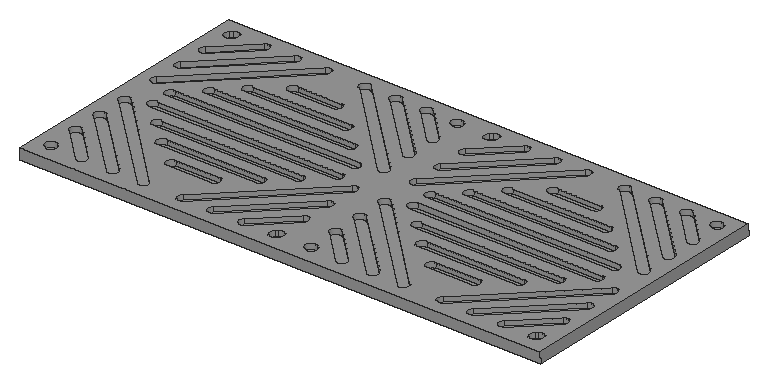
Revit family "dBA-1-inch-Ceiling-and-Wall-Panels-24x48", category Generic Models, Revit 2026
Family settings
  Can host rebar = No
  Round Connector Dimension = Use Diameter
  Part Type = Normal
  Work Plane-Based = Yes
  Always vertical = No
  Cut with Voids When Loaded = No
  Maintain Annotation Orientation = No
  Shared = No
  Room Calculation Point = No
Parameters (values of type "Charcoal")
  URL = "https://www.acousticalsurfaces.com/sound-silencer/dba-ceiling-wall-panel/"
  Material = "Sound Silencer dBA"
  Manufacturer = "Acoustical Surfaces, Inc."
  Finish = dBA - Charcoal
  Default Elevation = 4' - 0"
Types (2): name | Finish
  Charcoal | dBA - Charcoal
  White | dBA - White
Reference planes (in)
  plane 1 "Center (Front/Back)": y = 0
  plane 2: z = 0
  plane 3 "Center (Left/Right)": x = 0
Forms (in)
  Extrusion 1, solid, material "dBA - Charcoal" <- "Finish"
    sketch origin (-12, 0, 0) x (1, 0, 0) y (0, 1, 0)
      loop
        line (12, 12) -> (-12, 12) -> (-12, -12) -> (12, -12) -> (12, 12)
    from 0 to 0.5625
  Extrusion 2, solid, material "dBA - Charcoal" <- "Finish"
    sketch origin (-12, 0, 0.5625) x (1, 0, 0) y (0, 1, 0)
      loop
        line (12, 12) -> (-12, 12) -> (-12, -12) -> (12, -12) -> (12, 12)
      loop
        arc (-10.14645, -9.96967) -> (-10.85355, -9.96967) -> (-10.85355, -10.67678) r 0.5
        line (-10.85355, -10.67678) -> (-10.67678, -10.85355)
        arc (-10.67678, -10.85355) -> (-9.96967, -10.85355) -> (-9.96967, -10.14645) r 0.5
        line (-9.96967, -10.14645) -> (-10.14645, -9.96967)
      loop
        arc (-7.84835, -10.85355) -> (-7.14124, -10.85355) -> (-7.14124, -10.14645) r 0.5
        line (-7.14124, -10.14645) -> (-10.14645, -7.14124)
        arc (-10.14645, -7.14124) -> (-10.85355, -7.14124) -> (-10.85355, -7.84835) r 0.5
        line (-10.85355, -7.84835) -> (-7.84835, -10.85355)
      loop
        arc (-5.01992, -10.85355) -> (-4.31282, -10.85355) -> (-4.31282, -10.14645) r 0.5
        line (-4.31282, -10.14645) -> (-10.14645, -4.31282)
        arc (-10.14645, -4.31282) -> (-10.85355, -4.31282) -> (-10.85355, -5.01992) r 0.5
        line (-10.85355, -5.01992) -> (-5.01992, -10.85355)
      loop
        arc (-2.1915, -10.85355) -> (-1.48439, -10.85355) -> (-1.48439, -10.14645) r 0.5
        line (-1.48439, -10.14645) -> (-10.14645, -1.48439)
        arc (-10.14645, -1.48439) -> (-10.85355, -1.48439) -> (-10.85355, -2.1915) r 0.5
        line (-10.85355, -2.1915) -> (-2.1915, -10.85355)
      loop
        arc (2, -7.5) -> (2.5, -7) -> (2, -6.5) r 0.5
        line (2, -6.5) -> (-2, -6.5)
        arc (-2, -6.5) -> (-2.5, -7) -> (-2, -7.5) r 0.5
        line (-2, -7.5) -> (2, -7.5)
      loop
        arc (4.5, -5.5) -> (5, -5) -> (4.5, -4.5) r 0.5
        line (4.5, -4.5) -> (-4.5, -4.5)
        arc (-4.5, -4.5) -> (-5, -5) -> (-4.5, -5.5) r 0.5
        line (-4.5, -5.5) -> (4.5, -5.5)
      loop
        arc (6.5, -3.5) -> (7, -3) -> (6.5, -2.5) r 0.5
        line (6.5, -2.5) -> (-6.5, -2.5)
        arc (-6.5, -2.5) -> (-7, -3) -> (-6.5, -3.5) r 0.5
        line (-6.5, -3.5) -> (6.5, -3.5)
      loop
        arc (8.5, -1.5) -> (9, -1) -> (8.5, -0.5) r 0.5
        line (8.5, -0.5) -> (-8.5, -0.5)
        arc (-8.5, -0.5) -> (-9, -1) -> (-8.5, -1.5) r 0.5
        line (-8.5, -1.5) -> (8.5, -1.5)
      loop
        arc (8.5, 0.5) -> (9, 1) -> (8.5, 1.5) r 0.5
        line (8.5, 1.5) -> (-8.5, 1.5)
        arc (-8.5, 1.5) -> (-9, 1) -> (-8.5, 0.5) r 0.5
        line (-8.5, 0.5) -> (8.5, 0.5)
      loop
        arc (6.5, 2.5) -> (7, 3) -> (6.5, 3.5) r 0.5
        line (6.5, 3.5) -> (-6.5, 3.5)
        arc (-6.5, 3.5) -> (-7, 3) -> (-6.5, 2.5) r 0.5
        line (-6.5, 2.5) -> (6.5, 2.5)
      loop
        arc (4.5, 4.5) -> (5, 5) -> (4.5, 5.5) r 0.5
        line (4.5, 5.5) -> (-4.5, 5.5)
        arc (-4.5, 5.5) -> (-5, 5) -> (-4.5, 4.5) r 0.5
        line (-4.5, 4.5) -> (4.5, 4.5)
      loop
        line (-2, 6.5) -> (2, 6.5)
        arc (2, 6.5) -> (2.5, 7) -> (2, 7.5) r 0.5
        line (2, 7.5) -> (-2, 7.5)
        arc (-2, 7.5) -> (-2.5, 7) -> (-2, 6.5) r 0.5
      loop
        arc (-1.48439, 10.14645) -> (-1.48439, 10.85355) -> (-2.1915, 10.85355) r 0.5
        line (-2.1915, 10.85355) -> (-10.85355, 2.1915)
        arc (-10.85355, 2.1915) -> (-10.85355, 1.48439) -> (-10.14645, 1.48439) r 0.5
        line (-10.14645, 1.48439) -> (-1.48439, 10.14645)
      loop
        arc (-4.31282, 10.14645) -> (-4.31282, 10.85355) -> (-5.01992, 10.85355) r 0.5
        line (-5.01992, 10.85355) -> (-10.85355, 5.01992)
        arc (-10.85355, 5.01992) -> (-10.85355, 4.31282) -> (-10.14645, 4.31282) r 0.5
        line (-10.14645, 4.31282) -> (-4.31282, 10.14645)
      loop
        arc (-7.14124, 10.14645) -> (-7.14124, 10.85355) -> (-7.84835, 10.85355) r 0.5
        line (-7.84835, 10.85355) -> (-10.85355, 7.84835)
        arc (-10.85355, 7.84835) -> (-10.85355, 7.14124) -> (-10.14645, 7.14124) r 0.5
        line (-10.14645, 7.14124) -> (-7.14124, 10.14645)
      loop
        line (-10.14645, 9.96967) -> (-9.96967, 10.14645)
        arc (-9.96967, 10.14645) -> (-9.96967, 10.85355) -> (-10.67678, 10.85355) r 0.5
        line (-10.67678, 10.85355) -> (-10.85355, 10.67678)
        arc (-10.85355, 10.67678) -> (-10.85355, 9.96967) -> (-10.14645, 9.96967) r 0.5
      loop
        arc (10.14645, 1.48439) -> (10.85355, 1.48439) -> (10.85355, 2.1915) r 0.5
        line (10.85355, 2.1915) -> (2.1915, 10.85355)
        arc (2.1915, 10.85355) -> (1.48439, 10.85355) -> (1.48439, 10.14645) r 0.5
        line (1.48439, 10.14645) -> (10.14645, 1.48439)
      loop
        arc (10.14645, 4.31282) -> (10.85355, 4.31282) -> (10.85355, 5.01992) r 0.5
        line (10.85355, 5.01992) -> (5.01992, 10.85355)
        arc (5.01992, 10.85355) -> (4.31282, 10.85355) -> (4.31282, 10.14645) r 0.5
        line (4.31282, 10.14645) -> (10.14645, 4.31282)
      loop
        arc (10.14645, 7.14124) -> (10.85355, 7.14124) -> (10.85355, 7.84835) r 0.5
        line (10.85355, 7.84835) -> (7.84835, 10.85355)
        arc (7.84835, 10.85355) -> (7.14124, 10.85355) -> (7.14124, 10.14645) r 0.5
        line (7.14124, 10.14645) -> (10.14645, 7.14124)
      loop
        arc (10.14645, 9.96967) -> (10.85355, 9.96967) -> (10.85355, 10.67678) r 0.5
        line (10.85355, 10.67678) -> (10.67678, 10.85355)
        arc (10.67678, 10.85355) -> (9.96967, 10.85355) -> (9.96967, 10.14645) r 0.5
        line (9.96967, 10.14645) -> (10.14645, 9.96967)
      loop
        arc (1.48439, -10.14645) -> (1.48439, -10.85355) -> (2.1915, -10.85355) r 0.5
        line (2.1915, -10.85355) -> (10.85355, -2.1915)
        arc (10.85355, -2.1915) -> (10.85355, -1.48439) -> (10.14645, -1.48439) r 0.5
        line (10.14645, -1.48439) -> (1.48439, -10.14645)
      loop
        arc (4.31282, -10.14645) -> (4.31282, -10.85355) -> (5.01992, -10.85355) r 0.5
        line (5.01992, -10.85355) -> (10.85355, -5.01992)
        arc (10.85355, -5.01992) -> (10.85355, -4.31282) -> (10.14645, -4.31282) r 0.5
        line (10.14645, -4.31282) -> (4.31282, -10.14645)
      loop
        arc (7.14124, -10.14645) -> (7.14124, -10.85355) -> (7.84835, -10.85355) r 0.5
        line (7.84835, -10.85355) -> (10.85355, -7.84835)
        arc (10.85355, -7.84835) -> (10.85355, -7.14124) -> (10.14645, -7.14124) r 0.5
        line (10.14645, -7.14124) -> (7.14124, -10.14645)
      loop
        arc (9.96967, -10.14645) -> (9.96967, -10.85355) -> (10.67678, -10.85355) r 0.5
        line (10.67678, -10.85355) -> (10.85355, -10.67678)
        arc (10.85355, -10.67678) -> (10.85355, -9.96967) -> (10.14645, -9.96967) r 0.5
        line (10.14645, -9.96967) -> (9.96967, -10.14645)
    from 0 to 0.4375
  Extrusion 3, solid, material "dBA - Charcoal" <- "Finish"
    sketch origin (12, 0, 0) x (1, 0, 0) y (0, 1, 0)
      loop
        line (12, 12) -> (-12, 12) -> (-12, -12) -> (12, -12) -> (12, 12)
    from 0 to 0.5625
  Extrusion 4, solid, material "dBA - Charcoal" <- "Finish"
    sketch origin (12, 0, 0.5625) x (1, 0, 0) y (0, 1, 0)
      loop
        line (12, 12) -> (-12, 12) -> (-12, -12) -> (12, -12) -> (12, 12)
      loop
        arc (-10.14645, -9.96967) -> (-10.85355, -9.96967) -> (-10.85355, -10.67678) r 0.5
        line (-10.85355, -10.67678) -> (-10.67678, -10.85355)
        arc (-10.67678, -10.85355) -> (-9.96967, -10.85355) -> (-9.96967, -10.14645) r 0.5
        line (-9.96967, -10.14645) -> (-10.14645, -9.96967)
      loop
        arc (-7.84835, -10.85355) -> (-7.14124, -10.85355) -> (-7.14124, -10.14645) r 0.5
        line (-7.14124, -10.14645) -> (-10.14645, -7.14124)
        arc (-10.14645, -7.14124) -> (-10.85355, -7.14124) -> (-10.85355, -7.84835) r 0.5
        line (-10.85355, -7.84835) -> (-7.84835, -10.85355)
      loop
        arc (-5.01992, -10.85355) -> (-4.31282, -10.85355) -> (-4.31282, -10.14645) r 0.5
        line (-4.31282, -10.14645) -> (-10.14645, -4.31282)
        arc (-10.14645, -4.31282) -> (-10.85355, -4.31282) -> (-10.85355, -5.01992) r 0.5
        line (-10.85355, -5.01992) -> (-5.01992, -10.85355)
      loop
        arc (-2.1915, -10.85355) -> (-1.48439, -10.85355) -> (-1.48439, -10.14645) r 0.5
        line (-1.48439, -10.14645) -> (-10.14645, -1.48439)
        arc (-10.14645, -1.48439) -> (-10.85355, -1.48439) -> (-10.85355, -2.1915) r 0.5
        line (-10.85355, -2.1915) -> (-2.1915, -10.85355)
      loop
        arc (2, -7.5) -> (2.5, -7) -> (2, -6.5) r 0.5
        line (2, -6.5) -> (-2, -6.5)
        arc (-2, -6.5) -> (-2.5, -7) -> (-2, -7.5) r 0.5
        line (-2, -7.5) -> (2, -7.5)
      loop
        arc (4.5, -5.5) -> (5, -5) -> (4.5, -4.5) r 0.5
        line (4.5, -4.5) -> (-4.5, -4.5)
        arc (-4.5, -4.5) -> (-5, -5) -> (-4.5, -5.5) r 0.5
        line (-4.5, -5.5) -> (4.5, -5.5)
      loop
        arc (6.5, -3.5) -> (7, -3) -> (6.5, -2.5) r 0.5
        line (6.5, -2.5) -> (-6.5, -2.5)
        arc (-6.5, -2.5) -> (-7, -3) -> (-6.5, -3.5) r 0.5
        line (-6.5, -3.5) -> (6.5, -3.5)
      loop
        arc (8.5, -1.5) -> (9, -1) -> (8.5, -0.5) r 0.5
        line (8.5, -0.5) -> (-8.5, -0.5)
        arc (-8.5, -0.5) -> (-9, -1) -> (-8.5, -1.5) r 0.5
        line (-8.5, -1.5) -> (8.5, -1.5)
      loop
        arc (8.5, 0.5) -> (9, 1) -> (8.5, 1.5) r 0.5
        line (8.5, 1.5) -> (-8.5, 1.5)
        arc (-8.5, 1.5) -> (-9, 1) -> (-8.5, 0.5) r 0.5
        line (-8.5, 0.5) -> (8.5, 0.5)
      loop
        arc (6.5, 2.5) -> (7, 3) -> (6.5, 3.5) r 0.5
        line (6.5, 3.5) -> (-6.5, 3.5)
        arc (-6.5, 3.5) -> (-7, 3) -> (-6.5, 2.5) r 0.5
        line (-6.5, 2.5) -> (6.5, 2.5)
      loop
        arc (4.5, 4.5) -> (5, 5) -> (4.5, 5.5) r 0.5
        line (4.5, 5.5) -> (-4.5, 5.5)
        arc (-4.5, 5.5) -> (-5, 5) -> (-4.5, 4.5) r 0.5
        line (-4.5, 4.5) -> (4.5, 4.5)
      loop
        line (-2, 6.5) -> (2, 6.5)
        arc (2, 6.5) -> (2.5, 7) -> (2, 7.5) r 0.5
        line (2, 7.5) -> (-2, 7.5)
        arc (-2, 7.5) -> (-2.5, 7) -> (-2, 6.5) r 0.5
      loop
        arc (-1.48439, 10.14645) -> (-1.48439, 10.85355) -> (-2.1915, 10.85355) r 0.5
        line (-2.1915, 10.85355) -> (-10.85355, 2.1915)
        arc (-10.85355, 2.1915) -> (-10.85355, 1.48439) -> (-10.14645, 1.48439) r 0.5
        line (-10.14645, 1.48439) -> (-1.48439, 10.14645)
      loop
        arc (-4.31282, 10.14645) -> (-4.31282, 10.85355) -> (-5.01992, 10.85355) r 0.5
        line (-5.01992, 10.85355) -> (-10.85355, 5.01992)
        arc (-10.85355, 5.01992) -> (-10.85355, 4.31282) -> (-10.14645, 4.31282) r 0.5
        line (-10.14645, 4.31282) -> (-4.31282, 10.14645)
      loop
        arc (-7.14124, 10.14645) -> (-7.14124, 10.85355) -> (-7.84835, 10.85355) r 0.5
        line (-7.84835, 10.85355) -> (-10.85355, 7.84835)
        arc (-10.85355, 7.84835) -> (-10.85355, 7.14124) -> (-10.14645, 7.14124) r 0.5
        line (-10.14645, 7.14124) -> (-7.14124, 10.14645)
      loop
        line (-10.14645, 9.96967) -> (-9.96967, 10.14645)
        arc (-9.96967, 10.14645) -> (-9.96967, 10.85355) -> (-10.67678, 10.85355) r 0.5
        line (-10.67678, 10.85355) -> (-10.85355, 10.67678)
        arc (-10.85355, 10.67678) -> (-10.85355, 9.96967) -> (-10.14645, 9.96967) r 0.5
      loop
        arc (10.14645, 1.48439) -> (10.85355, 1.48439) -> (10.85355, 2.1915) r 0.5
        line (10.85355, 2.1915) -> (2.1915, 10.85355)
        arc (2.1915, 10.85355) -> (1.48439, 10.85355) -> (1.48439, 10.14645) r 0.5
        line (1.48439, 10.14645) -> (10.14645, 1.48439)
      loop
        arc (10.14645, 4.31282) -> (10.85355, 4.31282) -> (10.85355, 5.01992) r 0.5
        line (10.85355, 5.01992) -> (5.01992, 10.85355)
        arc (5.01992, 10.85355) -> (4.31282, 10.85355) -> (4.31282, 10.14645) r 0.5
        line (4.31282, 10.14645) -> (10.14645, 4.31282)
      loop
        arc (10.14645, 7.14124) -> (10.85355, 7.14124) -> (10.85355, 7.84835) r 0.5
        line (10.85355, 7.84835) -> (7.84835, 10.85355)
        arc (7.84835, 10.85355) -> (7.14124, 10.85355) -> (7.14124, 10.14645) r 0.5
        line (7.14124, 10.14645) -> (10.14645, 7.14124)
      loop
        arc (10.14645, 9.96967) -> (10.85355, 9.96967) -> (10.85355, 10.67678) r 0.5
        line (10.85355, 10.67678) -> (10.67678, 10.85355)
        arc (10.67678, 10.85355) -> (9.96967, 10.85355) -> (9.96967, 10.14645) r 0.5
        line (9.96967, 10.14645) -> (10.14645, 9.96967)
      loop
        arc (1.48439, -10.14645) -> (1.48439, -10.85355) -> (2.1915, -10.85355) r 0.5
        line (2.1915, -10.85355) -> (10.85355, -2.1915)
        arc (10.85355, -2.1915) -> (10.85355, -1.48439) -> (10.14645, -1.48439) r 0.5
        line (10.14645, -1.48439) -> (1.48439, -10.14645)
      loop
        arc (4.31282, -10.14645) -> (4.31282, -10.85355) -> (5.01992, -10.85355) r 0.5
        line (5.01992, -10.85355) -> (10.85355, -5.01992)
        arc (10.85355, -5.01992) -> (10.85355, -4.31282) -> (10.14645, -4.31282) r 0.5
        line (10.14645, -4.31282) -> (4.31282, -10.14645)
      loop
        arc (7.14124, -10.14645) -> (7.14124, -10.85355) -> (7.84835, -10.85355) r 0.5
        line (7.84835, -10.85355) -> (10.85355, -7.84835)
        arc (10.85355, -7.84835) -> (10.85355, -7.14124) -> (10.14645, -7.14124) r 0.5
        line (10.14645, -7.14124) -> (7.14124, -10.14645)
      loop
        arc (9.96967, -10.14645) -> (9.96967, -10.85355) -> (10.67678, -10.85355) r 0.5
        line (10.67678, -10.85355) -> (10.85355, -10.67678)
        arc (10.85355, -10.67678) -> (10.85355, -9.96967) -> (10.14645, -9.96967) r 0.5
        line (10.14645, -9.96967) -> (9.96967, -10.14645)
    from 0 to 0.4375
Cuts and joins
  joined: Extrusion 1, Extrusion 2, Extrusion 3, Extrusion 4
Dimensions and locks (in)
  aligned and locked: level to plane 2
